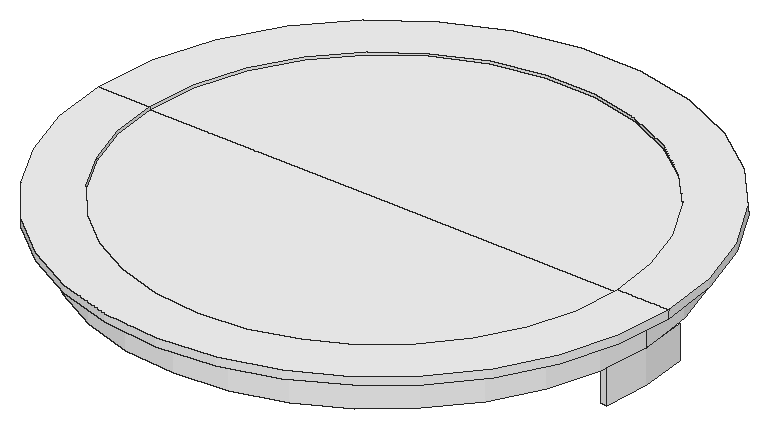
Revit family "0053892", category Lighting Fixtures, host Face, Revit 2016
Family settings
  Host = Face
  Part Type = Normal
  Round Connector Dimension = Use Diameter
  OmniClass Number = 23.80.70.11.14.11
  OmniClass Title = Downlights
  Cut with Voids When Loaded = No
  Light Source = Yes
  Shared = No
  Room Calculation Point = No
Parameters (values of type "0053892 ST eco Downlight Flat 205 IP44 1750lm 830 DIM ")
  Weight = "6.54 kg"
  Wattage Comments = "n/a"
  Wattage = 18 W
  WarrantyStartDate [instance] = "n/a"
  WarrantyGuarantorParts = "n/a"
  WarrantyDurationUnit = "year"
  WarrantyDurationParts = "n/a"
  WarrantyDescription = "n/a"
  built-in parameter 1150110 = 1 (stored number, unit not read)
  Voltage = 230 V
  URL = "http://www.sylvania-lighting.com"
  TypeName = "ST eco Downlight Flat 205 IP44 1750lm 830 DIM"
  Type Image = <None>
  Type Comments = "n/a"
  built-in parameter 1114217 = 1 (stored number, unit not read)
  Tilt Angle = -90.00°
  built-in parameter 1150109 = 1 (stored number, unit not read)
  built-in parameter 1150134 = (empty or 0)
  built-in parameter 1150113 = 1 (stored number, unit not read)
  SpringMountStartAngle_FEILO = -SpringMountEndAngle_FEILO  # -10.00°
  SpringMountEndAngle_FEILO = 10.00°
  SerialNumber [instance] = "n/a"
  ReflectorMaterial = none
  RecessedHeight_FEILO = 26 mm
  RecessedDiameter_FEILO = 205 mm
  PowerFactor = 0
  PowerConsumption = "18 W"
  Photometric Web File = "0053892.ies"
  NominalLength = 222 mm
  NominalHeight = 26 mm
  NominalDepth = 222 mm
  Name = "ST eco Downlight Flat 205 IP44 1750lm 830 DIM"
  ModelReference = Name  # "ST eco Downlight Flat 205 IP44 1750lm 830 DIM"
  ModelNumber = "0053892"
  Model = Name  # "ST eco Downlight Flat 205 IP44 1750lm 830 DIM"
  Material = "Aluminium"
  ManufacturerName = "Feilo Sylvania"
  Manufacturer = "Feilo Sylvania"
  LuminousEfficacy = "97.22 lm/W"
  built-in parameter 1150105 = 139.26 (stored number, unit not read)
  Lumens = 1750 lm
  LuminaireType = "LED recessed downlight"
  built-in parameter 1150115 = 1 (stored number, unit not read)
  LightOutputRatio = "1"
  built-in parameter 1150137 = (empty or 0)
  built-in parameter 1150139 = (empty or 0)
  LampsType = Lamp  # "LED"
  LampNominalLuminous = "1750 lm"
  LampMacAdamStep = "n/a"
  LampColourTemperature = "3000 K"
  LampColourRenderingIndex = "80"
  built-in parameter 1150112 = 1 (stored number, unit not read)
  built-in parameter 1150114 = 1 (stored number, unit not read)
  Lamp = "LED"
  Keynote = "16500"
  InstallationDate [instance] = "n/a"
  InputVoltage = "220-240V~"
  InputNominalFrequency = "50/60 Hz"
  built-in parameter 1150132 = (empty or 0)
  built-in parameter 1150102 = (empty or 0)
  built-in parameter 1150107 = 3000 (stored number, unit not read)
  built-in parameter 1150138 = (empty or 0)
  IngressProtection = "IP44"
  ImpactProtectionIndex = "IK06"
  built-in parameter 1150106 = 1.3926 (stored number, unit not read)
  IfcExportType = "IfcLightFixtureType"
  IfcExportAs = "IfcLightFixtureType"
  ExpectedLife = 50000
  Emit from Circle Diameter = 182 mm
  Emit Shape Visible in Rendering = no
  ElectricShockClassification = "Class II"
  built-in parameter 1150104 = 9.0322 (stored number, unit not read)
  DurationUnit = "hours"
  DocumentationLiterature = "http://www.sylvania-lighting.com/product/en-int/products/0053892"
  DimmingControlOptions = "Dimmable"
  Dimming Lamp Color Temperature Shift = <None>
  DiffuserMaterial = Diffuser-Sylvania-Glow
  Description = "Integrated LED recessed downlight providing 1620 fixture lumens at a wattage of 18W giving a high efficacy of 90lm/W. Fitting includes Leading/Trailing edge phase dimmable driver and has a round ceiling cut out of 205mm with an IP20 and IK02 rating providing uniform distribution with an Opal diffuser and 110° beam angle. Provided including a Loop in Loop out box and built Built white aluminium housing."
  Default Elevation = 1219.2 mm
  CutoutHeight_FEILO = RecessedHeight_FEILO + 10 mm  # 36 mm
  CreatedOn = "03-11-2017"
  CreatedBy = "aron.fodor@feilosylvania.com"
  Cost = 0
  Color Filter = 16777215
  built-in parameter 1114216 [instance] = (empty or 0)
  ClassificationValue = "EF_70_80"
  ClassificationName = "Uniclass2015"
  BodyWidth_FEILO = 222 mm
  BodyMaterial = Body-Sylvania-SylFlatDimmable-White
  BodyLength_FEILO = 222 mm
  BodyHeight_FEILO = 13 mm
  BarCode [instance] = "n/a"
  built-in parameter 1114218 = 1 (stored number, unit not read)
  built-in parameter 1150133 = 10 (stored number, unit not read)
  AssetType = "Fixed"
  AssetIdentifier [instance] = "n/a"
  Assembly Code = "D5020200"
  Apparent Load = 18 VA
  AccessoryMaterial = Diffuser-Sylvania-Glow
Reference planes
  plane 1 "Center (Front/Back)": y = 0
  plane 2: z = 0
  plane 3 "Center (Left/Right)": x = 0
  plane 4: x = 111
  plane 5: x = -111
  plane 6: y = 111
  plane 7: y = -111
  plane 8: z = 3
  plane 9: z = -26
  plane 10: x = 102.5
  plane 11: x = -102.5
  plane 12: y = 102.5
  plane 13: y = -102.5
  plane 14: z = 2
  plane 15: x = -91
  plane 16: z = -13
  plane 17: x = -100
  plane 18: x = 100
  plane 19: z = -36
Forms (mm)
  Revolve 1, solid, material "Body-Sylvania-SylFlatDimmable-White" <- "BodyMaterial"
    sketch origin (0, 0, 0) x (1, 0, 0) y (0, 0, 1)
      loop
        line (0, -13) -> (0, 2) -> (-91, 2) -> (-91, 3) -> (-111, 3) -> (-111, 0) -> (-102.5, 0) -> (-102.5, -13) -> (0, -13)
      axis (0, 3) -> (0, -13)
    angle from 360 to 0
  Revolve 2, solid, material "Body-Sylvania-SylFlatDimmable-White" <- "BodyMaterial"
    sketch origin (0.654, 0, 0) x (1, 0, 0) y (0, 0, 1)
      loop
        line (-103.154, -13) -> (-103.154, -26) -> (-100.654, -26) -> (-100.654, -13) -> (-103.154, -13)
      axis (-0.654, -13) -> (-0.654, -26)
    angle from -10 <- "SpringMountStartAngle_FEILO" to 10 <- "SpringMountEndAngle_FEILO"
  Revolve 3, solid, material "Body-Sylvania-SylFlatDimmable-White" <- "BodyMaterial"
    sketch origin (0, 0, 0) x (1, 0, 0) y (0, 0, 1)
      loop
        line (102.5, -13) -> (100, -13) -> (100, -26) -> (102.5, -26) -> (102.5, -13)
      axis (0, -13) -> (0, -26)
    angle from -10 <- "SpringMountStartAngle_FEILO" to 10 <- "SpringMountEndAngle_FEILO"
  Revolve 4, void
    sketch origin (0, 0, 0) x (1, 0, 0) y (0, 0, 1)
      loop
        line (0, 0) -> (-102.5, 0) -> (-102.5, -36) -> (0, -36) -> (0, 0)
      axis (0, 0) -> (0, -36)
    angle from 360 to 0
Cuts and joins
  joined: Revolve 1, Revolve 2, Revolve 3
Dimensions and locks
  equal spacing: plane 5, plane 3 "Center (Left/Right)", plane 4
  equal spacing: plane 7, plane 1 "Center (Front/Back)", plane 6
  "BodyWidth_FEILO": plane 7 to plane 6
  "BodyLength_FEILO": plane 5 to plane 4
  "RecessedHeight_FEILO": plane 2 to plane 9
  locked: plane 8 to plane 2 at 3
  equal spacing: plane 11, plane 3 "Center (Left/Right)", plane 10
  "RecessedDiameter_FEILO": plane 11 to plane 10
  equal spacing: plane 13, plane 1 "Center (Front/Back)", plane 12
  "RecessedDiameter_FEILO": plane 13 to plane 12
  locked: plane 14 to plane 2 at 2
  locked: plane 15 to plane 5 at 20
  "BodyHeight_FEILO": plane 2 to plane 16
  equal spacing: plane 18, plane 3 "Center (Left/Right)", plane 17
  locked: plane 17 to plane 11 at 2.5
  "CutoutHeight_FEILO": plane 2 to plane 19
  aligned and locked: plane 2 to host face
  aligned and locked: level to host face
  aligned and locked: plane 3 "Center (Left/Right)" to Revolve 1 sketch curve
  aligned and locked: Revolve 1 sketch curve to plane 14
  aligned and locked: plane 15 to Revolve 1 sketch curve
  aligned and locked: Revolve 1 sketch curve to plane 8
  aligned and locked: Revolve 1 sketch curve to plane 5
  aligned and locked: Revolve 1 sketch curve to plane 11
  aligned and locked: Revolve 1 sketch curve to plane 3 "Center (Left/Right)"
  aligned and locked: Revolve 1 sketch curve to level
  aligned and locked: plane 16 to Revolve 1 sketch curve
  aligned and locked: Revolve 2 sketch curve to Revolve 1  (x2)
  aligned and locked: Revolve 2 sketch curve to plane 9
  aligned and locked: Revolve 2 sketch curve to plane 17
  aligned and locked: Revolve 2 sketch curve to plane 3 "Center (Left/Right)"
  aligned and locked: Revolve 3 sketch curve to plane 3 "Center (Left/Right)"
  aligned and locked: Revolve 3 sketch curve to Revolve 1  (x2)
  aligned and locked: plane 9 to Revolve 3 sketch curve
  aligned and locked: Revolve 3 sketch curve to plane 18
  aligned and locked: Revolve 4 sketch curve to plane 3 "Center (Left/Right)"
  aligned and locked: plane 19 to Revolve 4 sketch curve
  aligned and locked: plane 3 "Center (Left/Right)" to Revolve 4 sketch curve
  aligned and locked: Revolve 4 sketch curve to plane 11
  aligned and locked: level to Revolve 4 sketch curve
  aligned and locked: imposter light to plane 14
  aligned and locked: plane 3 "Center (Left/Right)" to imposter light
  aligned and locked: imposter light to plane 1 "Center (Front/Back)"
Automatic sketch dimensions
  host sketch curve to host sketch curve = 2438.4 mm  (x2)
  plane 9 to Revolve 1 sketch curve = 587.6 mm
  Revolve 1 sketch curve to plane 8 = 2606.058 mm
  plane 9 to Revolve 2 sketch curve = 587.6 mm
  Revolve 2 sketch curve to plane 8 = 2606.058 mm
  plane 9 to Revolve 3 sketch curve = 587.6 mm
  Revolve 3 sketch curve to plane 8 = 2606.058 mm
  plane 19 to Revolve 4 sketch curve = 577.6 mm
  Revolve 4 sketch curve to plane 8 = 2606.058 mm
Connectors
  electrical at (0, 0, 0), driven by "Apparent Load", driven by "PowerFactor", driven by "Voltage"
    settings: index 1, voltage 230 V, apparent load 18 VA, apparent load phase1 0 VA, apparent load phase2 0 VA, apparent load phase3 0 VA, power factor 0, load classification "Lighting", number of poles 1, system type 30, power factor state 1, is connector primary yes, connector utility no, sub classification motor no, connector description ""
